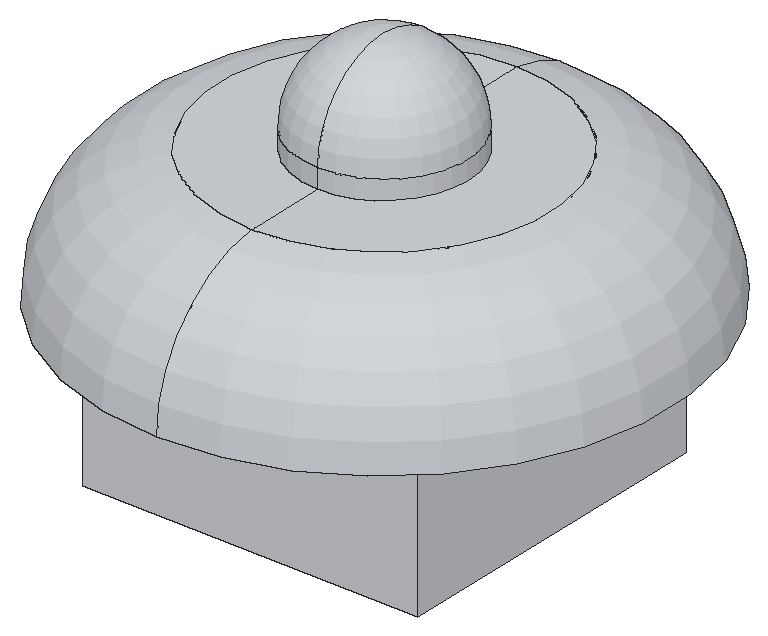
Revit family "f240083abd9c476e977a9c4a118f84c4", category Fire Alarm Devices, host Face, Revit 2021
Family settings
  Host = Face
  Maintain Annotation Orientation = Yes
  Round Connector Dimension = Use Diameter
  Part Type = Normal
  OmniClass Number = 23.85.30.21.11.17
  OmniClass Title = Other Components
  Seek Item ID = Fire Alarm Strobe Speaker - Ceiling Mounted-0000-USA-ENU
  Cut with Voids When Loaded = No
  Shared = No
  Room Calculation Point = No
Parameters (values of type "Standard")
  Speaker Material = none
  Default Elevation = 4' - 0"
Reference planes (in)
  plane 1 "Center (Front/Back)": y = 0
  plane 2: z = 0
  plane 3 "Center (Left/Right)": x = 0
  plane 4: z = -1.84
  plane 5: z = 1.6
  plane 6: z = 2.83
  plane 7: x = 3.4
  plane 8: x = -3.4
  plane 9: y = 3.405
  plane 10: y = -3.405
  plane 11: z = 1.83
Forms (in)
  Extrusion 1, solid, material <- "Speaker Material"
    sketch origin (0, 0, 0) x (1, 0, 0) y (0, 1, 0)
      loop
        line (-2, 2) -> (-2, -2) -> (2, -2) -> (2, 2) -> (-2, 2)
    from 0 to -1.84
  Revolve 2, solid, material <- "Speaker Material"
    sketch origin (0, 0, 0) x (0, 1, 0) y (0, 0, 1)
      loop
        arc (3.405, 0) -> (2.99834, 1.07008) -> (1.98364, 1.6) r 1.61123
        line (1.98364, 1.6) -> (0, 1.6) -> (0, 0) -> (3.405, 0)
      axis (0, 1.6) -> (0, 0)
    angle from 0 to 360
  Revolve 3, solid, material <- "Speaker Material"
    sketch origin (0, 0, 0) x (0, 1, 0) y (0, 0, 1)
      loop
        line (0, 2.83) -> (0, 1.6) -> (1, 1.6) -> (1, 1.83)
        arc (1, 1.83) -> (0.70711, 2.53711) -> (0, 2.83) r 1
      axis (0, 2.83) -> (0, 1.6)
    angle from 0 to 360
Cuts and joins
  joined: Extrusion 1, Revolve 2, Revolve 3
Lines and regions (in)
  symbolic lines, detail levels fine
    curve 1: arc (0, -1, 0) -> (1, 0, 0) -> (0, 1, 0) r 1
    curve 2: arc (0, 1, 0) -> (-1, 0, 0) -> (0, -1, 0) r 1
    curve 3: arc (0, 1.98364, 0) -> (-1.98364, 0, 0) -> (0, -1.98364, 0) r 1.98364
    curve 4: arc (0, -1.98364, 0) -> (1.98364, 0, 0) -> (0, 1.98364, 0) r 1.98364
    curve 5: arc (0, 3.405, 0) -> (3.405, 0, 0) -> (0, -3.405, 0) r 3.405
    curve 6: arc (0, -3.405, 0) -> (-3.405, 0, 0) -> (0, 3.405, 0) r 3.405
Dimensions and locks (in)
  locked: plane 2 to plane 4 at 1.84
  equal spacing: Extrusion 1 sketch curve, plane 3 "Center (Left/Right)", Extrusion 1 sketch curve
  locked: Extrusion 1 sketch curve to Extrusion 1 sketch curve at 4  (x2)
  equal spacing: Extrusion 1 sketch curve, plane 1 "Center (Front/Back)", Extrusion 1 sketch curve
  locked: plane 5 to plane 2 at 1.6
  locked: plane 6 to plane 2 at 2.83
  equal spacing: plane 8, plane 3 "Center (Left/Right)", plane 7
  locked: plane 8 to plane 7 at 6.8
  locked: plane 6 to plane 11 at 1
  equal spacing: plane 10, plane 1 "Center (Front/Back)", plane 9
  locked: plane 10 to plane 9 at 6.81
  aligned and locked: plane 2 to host face
  aligned and locked: level to host face
  aligned and locked: Extrusion 1 to plane 4
  aligned and locked: plane 2 to Extrusion 1
  aligned and locked: Revolve 2 sketch curve to plane 2
  aligned and locked: plane 1 "Center (Front/Back)" to Revolve 2 sketch curve
  aligned and locked: plane 1 "Center (Front/Back)" to Revolve 3 sketch curve  (x2)
  aligned and locked: Revolve 3 sketch curve to plane 5
  aligned and locked: plane 11 to Revolve 3 sketch curve
  aligned and locked: curve 1 to cut or joined group of Extrusion 1, Revolve 2, Revolve 3
  aligned and locked: curve 2 to cut or joined group of Extrusion 1, Revolve 2, Revolve 3
  aligned and locked: curve 3 to cut or joined group of Extrusion 1, Revolve 2, Revolve 3
  aligned and locked: curve 4 to cut or joined group of Extrusion 1, Revolve 2, Revolve 3
  aligned and locked: plane 5 to Revolve 2 sketch curve
  aligned and locked: plane 1 "Center (Front/Back)" to nested 1
  aligned and locked: nested 1 to plane 3 "Center (Left/Right)"
Automatic sketch dimensions
  host sketch curve to host sketch curve = 8' - 0"  (x2)
  plane 6 to Revolve 3 sketch curve = 0' - 0"
  plane 4 to Revolve 3 sketch curve = 0' - 0.63477"
  Revolve 3 sketch curve to plane 6 = 0' - 1.38477"
  Revolve 2 sketch curve to plane 1 "Center (Front/Back)" = 0' - 0"
  Revolve 2 sketch curve to plane 9 = 0' - 0"
  Revolve 2 sketch curve to Revolve 2 sketch curve = 0' - 1.61123"
  Revolve 2 sketch curve to plane 4 = 0' - 2.95"
  Revolve 2 sketch curve to plane 6 = 0' - 1.05"
  curve 1 to curve 5 = 0' - 0"  (x2)
  curve 5 to plane 10 = 0' - 0"
Nested families (in)
  nested 1: "Fire Alarm Strobe Speaker Annotation 1" at (0, 0, 0), type "Fire Alarm Strobe Speaker Annotation 1", detail levels coarse+medium
Connectors (in)
  electrical at (0, 2, -0.736)
    settings: on cut or joined group of Extrusion 1, Revolve 2, Revolve 3, index 1, voltage 0 V, apparent load 0 VA, apparent load phase1 0 VA, apparent load phase2 0 VA, apparent load phase3 0 VA, power factor 1, load classification "Other", number of poles 1, system type 11, power factor state 1, is connector primary yes, connector utility no, sub classification motor no, connector description ""
Definition of nested family "Fire Alarm Strobe Speaker Annotation 1"
  Parameters
    Label Annotation = "P"
  Reference planes (in)
    plane 1: y = 0
    plane 2: x = 0
  Lines and regions (in)
    reference lines
      curve 1: line (-0.38863, 0, 0) -> (0.82867, 0, 0)
    detail lines
      curve 2: circle (0, 0, 0) r 0.09375 normal (0, 0, 1)
  Text (in)
    label "P" at (-0.03774, -0.00726, 0), shows "Label Annotation"
  Dimensions and locks (in)
    locked: plane 1 to curve 1
    radius of curve 2 = 0' - 0 3/32"
    aligned and locked: curve 1 to curve 2
    aligned and locked: plane 2 to curve 2
